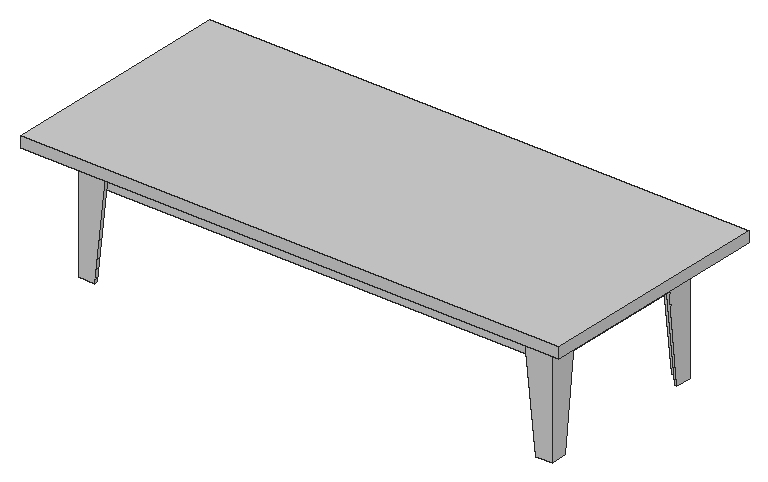
Revit family "AT23", category Specialty Equipment, Revit 2012
Parameters (values of type "Apparel Service Bottom Table (Default)")
  URL = "http://madixinc.com/display/freestanding.html"
  Model = "Apparel Service Bottom Table"
  Manufacturer = "© 2012 Madix, Inc. All rights reserved."
Reference planes (in)
  plane 1 "Center (Front/Back)": y = 0
  plane 2: z = 0
  plane 3 "Center (Left/Right)": x = 0
  plane 4: z = 27
  plane 5: z = 26
  plane 6: z = 23
  plane 7: x = -25
  plane 8: x = -22
  plane 9: x = -21.75
  plane 10: x = -21.5
  plane 11: x = 25
  plane 12: x = 22
  plane 13: x = 21.75
  plane 14: x = 21.5
  plane 15: y = 11
  plane 16: y = 8
  plane 17: y = 7.75
  plane 18: y = 7.5
  plane 19: y = -11
  plane 20: y = -8
  plane 21: y = -7.75
  plane 22: y = -7.5
  plane 23: z = 12
  plane 24: z = 11
  plane 25: z = 8
Forms (in)
  Extrusion 1, solid, material "Metal - Steel"
    sketch origin (0, 0, 0) x (1, 0, 0) y (0, 1, 0)
      loop
        line (-25, 11) -> (-25, -11) -> (25, -11) -> (25, 11) -> (-25, 11)
    from 11 to 12
  Extrusion 2, solid, material "Metal - Steel"
    sketch origin (0, 0, 0) x (1, 0, 0) y (0, 1, 0)
      loop
        line (-21.75, 7.75) -> (-21.75, -7.75) -> (21.75, -7.75) -> (21.75, 7.75) -> (-21.75, 7.75)
      loop
        line (21.5, -7.5) -> (21.5, 7.5) -> (-21.5, 7.5) -> (-21.5, -7.5) -> (21.5, -7.5)
    from 8 to 11
  Blend 3, solid, material "Metal - Steel"
    base sketch origin (3, -3, 0) x (1, 0, 0) y (0, 1, 0)
      loop
        line (-24.75, 10.75) -> (-22.25, 10.75) -> (-22.25, 11) -> (-25, 11) -> (-25, 8.25) -> (-24.75, 8.25) -> (-24.75, 10.75)
    top sketch origin (3, -3, 0) x (1, 0, 0) y (0, 1, 0)
      loop
        line (-24.75, 10.75) -> (-23.5, 10.75) -> (-23.5, 11) -> (-25, 11) -> (-25, 9.5) -> (-24.75, 9.5) -> (-24.75, 10.75)
    from 11 to 0
  Blend 4, solid, material "Metal - Steel"
    base sketch origin (-3, -3, 0) x (-1, 0, 0) y (0, -1, 0)
      loop
        line (-24.75, -10.75) -> (-24.75, -8.25) -> (-25, -8.25) -> (-25, -11) -> (-22.25, -11) -> (-22.25, -10.75) -> (-24.75, -10.75)
    top sketch origin (-3, -3, 0) x (-1, 0, 0) y (0, -1, 0)
      loop
        line (-24.75, -10.75) -> (-24.75, -9.5) -> (-25, -9.5) -> (-25, -11) -> (-23.5, -11) -> (-23.5, -10.75) -> (-24.75, -10.75)
    from 11 to 0
  Blend 5, solid, material "Metal - Steel"
    base sketch origin (-3, 3, 0) x (-1, 0, 0) y (0, -1, 0)
      loop
        line (-24.75, 10.75) -> (-22.25, 10.75) -> (-22.25, 11) -> (-25, 11) -> (-25, 8.25) -> (-24.75, 8.25) -> (-24.75, 10.75)
    top sketch origin (-3, 3, 0) x (-1, 0, 0) y (0, -1, 0)
      loop
        line (-24.75, 10.75) -> (-23.5, 10.75) -> (-23.5, 11) -> (-25, 11) -> (-25, 9.5) -> (-24.75, 9.5) -> (-24.75, 10.75)
    from 11 to 0
  Blend 6, solid, material "Metal - Steel"
    base sketch origin (3, 3, 0) x (1, 0, 0) y (0, 1, 0)
      loop
        line (-24.75, -10.75) -> (-24.75, -8.25) -> (-25, -8.25) -> (-25, -11) -> (-22.25, -11) -> (-22.25, -10.75) -> (-24.75, -10.75)
    top sketch origin (3, 3, 0) x (1, 0, 0) y (0, 1, 0)
      loop
        line (-24.75, -10.75) -> (-24.75, -9.5) -> (-25, -9.5) -> (-25, -11) -> (-23.5, -11) -> (-23.5, -10.75) -> (-24.75, -10.75)
    from 11 to 0
Dimensions and locks (in)
  aligned and locked: level to plane 2
